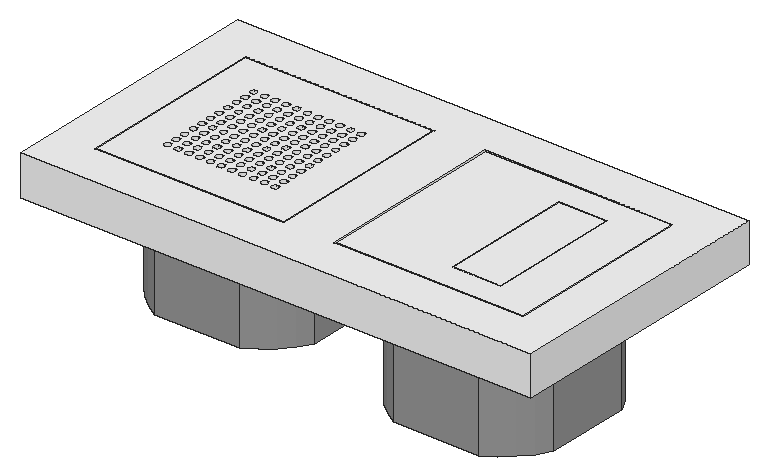
Revit family "Gira_2280600", category Electrical Fixtures, host Face, Revit 2017
Family settings
  Host = Face
  Maintain Annotation Orientation = Yes
  Round Connector Dimension = Use Diameter
  Part Type = Normal
  Cut with Voids When Loaded = No
  Shared = No
  Room Calculation Point = No
Parameters (values of type "UP-Radio RDS Lautsprecher System 55 Edelstahl")
  Zusammenstellung = "Basiselement mit Gehäuse-Oberteil"
  Werkstoffgüte = "sonstige"
  Werkstoff = "sonstige"
  URL = "http://katalog.gira.de/de_DE/datenblatt.html?artikelnr=2280600"
  Region = "DE"
  Oberfläche = "sonstige"
  Name = "UP-Radio RDS Lautsprecher System 55 Edelstahl"
  Montageart = "unter Putz"
  Manufacturer URL = "https://www.gira.de/"
  Keynote = "Sys55_Komplettgerät_UP-Radio"
  HeinzeBIM = "https://bimportal.heinze.de/bim/up-radio-rds-lautsprecher-system-55-edelstahl/ed0e5a1d0c0123ed4e41c93e7b1a4c6fb48890f7"
  Halogenfrei = "No"
  HAN = "2280600"
  GTIN = "4010337021070"
  Farbe = "edelstahl"
  Default Elevation = 1219.2 mm
  Data sheet (1) = "https://katalog.gira.de/de_DE/download.html?artikelnr=2280600"
  Category = "Elektronik-Gerät für Installationsschalterprogramme"
  Befestigungsart = "Krallen-/Schraubbefestigung"
  Available = "Yes"
  Ausführung der Oberfläche = "glänzend"
  Ausführung = "Radio (*en-EN)"
Reference planes
  plane 1 "Center (Front/Back)": y = 0
  plane 2 "Reference Level 0": z = 0
  plane 3 "Center (Left/Right)": x = 0
  plane 4 "Reference Level 1": z = 11.9
Forms (mm)
  Extrusion 1, solid, material "White", detail levels medium+fine
    sketch origin (0, 0, 0) x (1, 0, 0) y (0, 1, 0)
      loop
        line (-75.892, 40.342) -> (-75.892, -40.342) -> (75.892, -40.342) -> (75.892, 40.342) -> (-75.892, 40.342)
      loop
        line (-7.45, 28.1) -> (-63.65, 28.1) -> (-63.65, -28.1) -> (-7.45, -28.1) -> (-7.45, 28.1)
      loop
        line (7.45, 28.1) -> (7.45, -28.1) -> (63.65, -28.1) -> (63.65, 28.1) -> (7.45, 28.1)
    from 0 to 11.9
  Extrusion 2, solid, material "White", detail levels fine
    sketch origin (0, 0, 0) x (1, 0, 0) y (0, 1, 0)
      loop
        circle (-19.55, 16) r 1
      loop
        circle (-22.75, 16) r 1
      loop
        circle (-25.95, 16) r 1
      loop
        circle (-29.15, 16) r 1
      loop
        circle (-32.35, 16) r 1
      loop
        circle (-35.55, 16) r 1
      loop
        circle (-38.75, 16) r 1
      loop
        circle (-41.95, 16) r 1
      loop
        circle (-45.15, 16) r 1
      loop
        circle (-48.35, 16) r 1
      loop
        circle (-51.55, 16) r 1
      loop
        circle (-19.55, 12.8) r 1
      loop
        circle (-22.75, 12.8) r 1
      loop
        circle (-25.95, 12.8) r 1
      loop
        circle (-29.15, 12.8) r 1
      loop
        circle (-32.35, 12.8) r 1
      loop
        circle (-35.55, 12.8) r 1
      loop
        circle (-38.75, 12.8) r 1
      loop
        circle (-41.95, 12.8) r 1
      loop
        circle (-45.15, 12.8) r 1
      loop
        circle (-48.35, 12.8) r 1
      loop
        circle (-51.55, 12.8) r 1
      loop
        circle (-19.55, 9.6) r 1
      loop
        circle (-22.75, 9.6) r 1
      loop
        circle (-25.95, 9.6) r 1
      loop
        circle (-29.15, 9.6) r 1
      loop
        circle (-32.35, 9.6) r 1
      loop
        circle (-35.55, 9.6) r 1
      loop
        circle (-38.75, 9.6) r 1
      loop
        circle (-41.95, 9.6) r 1
      loop
        circle (-45.15, 9.6) r 1
      loop
        circle (-48.35, 9.6) r 1
      loop
        circle (-51.55, 9.6) r 1
      loop
        circle (-19.55, 6.4) r 1
      loop
        circle (-22.75, 6.4) r 1
      loop
        circle (-25.95, 6.4) r 1
      loop
        circle (-29.15, 6.4) r 1
      loop
        circle (-32.35, 6.4) r 1
      loop
        circle (-35.55, 6.4) r 1
      loop
        circle (-38.75, 6.4) r 1
      loop
        circle (-41.95, 6.4) r 1
      loop
        circle (-45.15, 6.4) r 1
      loop
        circle (-48.35, 6.4) r 1
      loop
        circle (-51.55, 6.4) r 1
      loop
        circle (-19.55, 3.2) r 1
      loop
        circle (-22.75, 3.2) r 1
      loop
        circle (-25.95, 3.2) r 1
      loop
        circle (-29.15, 3.2) r 1
      loop
        circle (-32.35, 3.2) r 1
      loop
        circle (-35.55, 3.2) r 1
      loop
        circle (-38.75, 3.2) r 1
      loop
        circle (-41.95, 3.2) r 1
      loop
        circle (-45.15, 3.2) r 1
      loop
        circle (-48.35, 3.2) r 1
      loop
        circle (-51.55, 3.2) r 1
      loop
        circle (-19.55, 0) r 1
      loop
        circle (-22.75, 0) r 1
      loop
        circle (-25.95, 0) r 1
      loop
        circle (-29.15, 0) r 1
      loop
        circle (-32.35, 0) r 1
      loop
        circle (-35.55, 0) r 1
      loop
        circle (-38.75, 0) r 1
      loop
        circle (-41.95, 0) r 1
      loop
        circle (-45.15, 0) r 1
      loop
        circle (-48.35, 0) r 1
      loop
        circle (-51.55, 0) r 1
      loop
        circle (-19.55, -3.2) r 1
      loop
        circle (-22.75, -3.2) r 1
      loop
        circle (-25.95, -3.2) r 1
      loop
        circle (-29.15, -3.2) r 1
      loop
        circle (-32.35, -3.2) r 1
      loop
        circle (-35.55, -3.2) r 1
      loop
        circle (-38.75, -3.2) r 1
      loop
        circle (-41.95, -3.2) r 1
      loop
        circle (-45.15, -3.2) r 1
      loop
        circle (-48.35, -3.2) r 1
      loop
        circle (-51.55, -3.2) r 1
      loop
        circle (-19.55, -6.4) r 1
      loop
        circle (-22.75, -6.4) r 1
      loop
        circle (-25.95, -6.4) r 1
      loop
        circle (-29.15, -6.4) r 1
      loop
        circle (-32.35, -6.4) r 1
      loop
        circle (-35.55, -6.4) r 1
      loop
        circle (-38.75, -6.4) r 1
      loop
        circle (-41.95, -6.4) r 1
      loop
        circle (-45.15, -6.4) r 1
      loop
        circle (-48.35, -6.4) r 1
      loop
        circle (-51.55, -6.4) r 1
      loop
        circle (-19.55, -9.6) r 1
      loop
        circle (-22.75, -9.6) r 1
      loop
        circle (-25.95, -9.6) r 1
      loop
        circle (-29.15, -9.6) r 1
      loop
        circle (-32.35, -9.6) r 1
      loop
        circle (-35.55, -9.6) r 1
      loop
        circle (-38.75, -9.6) r 1
      loop
        circle (-41.95, -9.6) r 1
      loop
        circle (-45.15, -9.6) r 1
      loop
        circle (-48.35, -9.6) r 1
      loop
        circle (-51.55, -9.6) r 1
      loop
        circle (-19.55, -12.8) r 1
      loop
        circle (-22.75, -12.8) r 1
      loop
        circle (-25.95, -12.8) r 1
      loop
        circle (-29.15, -12.8) r 1
      loop
        circle (-32.35, -12.8) r 1
      loop
        circle (-35.55, -12.8) r 1
      loop
        circle (-38.75, -12.8) r 1
      loop
        circle (-41.95, -12.8) r 1
      loop
        circle (-45.15, -12.8) r 1
      loop
        circle (-48.35, -12.8) r 1
      loop
        circle (-51.55, -12.8) r 1
      loop
        circle (-19.55, -16) r 1
      loop
        circle (-22.75, -16) r 1
      loop
        circle (-25.95, -16) r 1
      loop
        circle (-29.15, -16) r 1
      loop
        circle (-32.35, -16) r 1
      loop
        circle (-35.55, -16) r 1
      loop
        circle (-38.75, -16) r 1
      loop
        circle (-41.95, -16) r 1
      loop
        circle (-45.15, -16) r 1
      loop
        circle (-48.35, -16) r 1
      loop
        circle (-51.55, -16) r 1
      loop
        line (-63.25, 27.7) -> (-63.25, -27.7) -> (-7.85, -27.7) -> (-7.85, 27.7) -> (-63.25, 27.7)
    from 0 to 11.9
  Extrusion 3, solid, material "White", detail levels fine
    sketch origin (0, 0, 0) x (1, 0, 0) y (0, 1, 0)
      loop
        line (7.95, 27.7) -> (7.95, -27.7) -> (63.35, -27.7) -> (63.35, 27.7) -> (7.95, 27.7)
      loop
        line (35.999, -19.679) -> (50.301, -19.679) -> (50.229, 19.679) -> (36.071, 19.679) -> (35.999, -19.679)
    from 0 to 11.9
  Extrusion 4, solid, material "White", detail levels fine
    sketch origin (0, 0, 0) x (1, 0, 0) y (0, 1, 0)
      loop
        line (35.999, -19.679) -> (50.301, -19.679) -> (50.229, 19.679) -> (36.071, 19.679) -> (35.999, -19.679)
    from 0 to 11.9
  Extrusion 5, solid, material "White", detail levels medium
    sketch origin (0, 0, 0) x (1, 0, 0) y (0, 1, 0)
      loop
        line (-63.65, 28.1) -> (-63.65, -28.1) -> (-7.45, -28.1) -> (-7.45, 28.1) -> (-63.65, 28.1)
    from 0 to 11.9
  Extrusion 6, solid, material "White", detail levels medium
    sketch origin (0, 0, 0) x (1, 0, 0) y (0, 1, 0)
      loop
        line (7.45, 28.1) -> (7.45, -28.1) -> (63.65, -28.1) -> (63.65, 28.1) -> (7.45, 28.1)
    from 0 to 11.9
  Extrusion 7, solid, material "Grey", detail levels fine
    sketch origin (0, 0, 0) x (1, 0, 0) y (0, 1, 0)
      loop
        arc (10.55, -12.61) -> (15.751, -19.799) -> (22.94, -25) r 28
        line (22.94, -25) -> (48.16, -25)
        arc (48.16, -25) -> (55.349, -19.799) -> (60.55, -12.61) r 28
        line (60.55, -12.61) -> (60.55, 12.61)
        arc (60.55, 12.61) -> (55.349, 19.799) -> (48.16, 25) r 28
        line (48.16, 25) -> (22.94, 25)
        arc (22.94, 25) -> (15.751, 19.799) -> (10.55, 12.61) r 28
        line (10.55, 12.61) -> (10.55, -12.61)
    from 0 to -31.7
  Extrusion 8, solid, material "Grey", detail levels fine
    sketch origin (0, 0, 0) x (-1, 0, 0) y (0, -1, 0)
      loop
        line (10.55, 12.61) -> (10.55, -12.61)
        arc (10.55, -12.61) -> (15.751, -19.799) -> (22.94, -25) r 28
        line (22.94, -25) -> (48.16, -25)
        arc (48.16, -25) -> (55.349, -19.799) -> (60.55, -12.61) r 28
        line (60.55, -12.61) -> (60.55, 12.61)
        arc (60.55, 12.61) -> (55.349, 19.799) -> (48.16, 25) r 28
        line (48.16, 25) -> (22.94, 25)
        arc (22.94, 25) -> (15.751, 19.799) -> (10.55, 12.61) r 28
    from 0 to -28
  Extrusion 9, solid, detail levels medium
    sketch origin (0, 0, 0) x (-1, 0, 0) y (0, -1, 0)
      loop
        line (10.55, 25) -> (10.55, -25) -> (60.55, -25) -> (60.55, 25) -> (10.55, 25)
    from 0 to -28
  Extrusion 10, solid, detail levels medium
    sketch origin (0, 0, 0) x (1, 0, 0) y (0, 1, 0)
      loop
        line (10.55, -25) -> (60.55, -25) -> (60.55, 25) -> (10.55, 25) -> (10.55, -25)
    from 0 to -31.7
  Extrusion 11, solid, material "Grey", detail levels coarse
    sketch origin (0, 0, 0) x (1, 0, 0) y (0, 1, 0)
      loop
        line (-75.892, 40.342) -> (-75.892, -40.342) -> (75.892, -40.342) -> (75.892, 40.342) -> (-75.892, 40.342)
    from -31.7 to 11.9
Cuts and joins
  joined: Extrusion 7, Extrusion 8
  joined: Extrusion 9, Extrusion 10
Dimensions and locks
  aligned and locked: plane 2 "Reference Level 0" to host face
  aligned and locked: level to host face
Nested families
  nested 1: "Radio Beschriftung" at (0, 0, 0) x (0, 1, 0) z (0, 0, 1), type "Radio Beschriftung"
Connectors
  electrical at (-35.55, 0, -28)
    settings: on cut or joined group of Extrusion 7, Extrusion 8, index 1, voltage 220 V, apparent load 0 VA, apparent load phase1 0 VA, apparent load phase2 0 VA, apparent load phase3 0 VA, power factor 1, load classification "Other", number of poles 1, system type 31, power factor state 1, is connector primary yes, connector utility no, sub classification motor no, connector description ""
Definition of nested family "Radio Beschriftung"
  Reference planes
    plane 1: y = 0
    plane 2: x = 0
  Lines and regions (mm)
    detail lines
      curve 1: line (0, 1, 0) -> (3, 1, 0)
      curve 2: line (0, -1, 0) -> (0, 1, 0)
      curve 3: line (3, -1, 0) -> (0, -1, 0)
      curve 4: line (3, 1, 0) -> (3, -1, 0)
      curve 5: line (2, 1, 0) -> (2, -1, 0)
      curve 6: line (3, 1, 0) -> (2, 0.49, 0)
      curve 7: line (3, -1, 0) -> (2, -0.49, 0)
  Dimensions and locks
    curve 2 to curve 4 = 3 mm
    curve 3 to curve 1 = 2 mm
